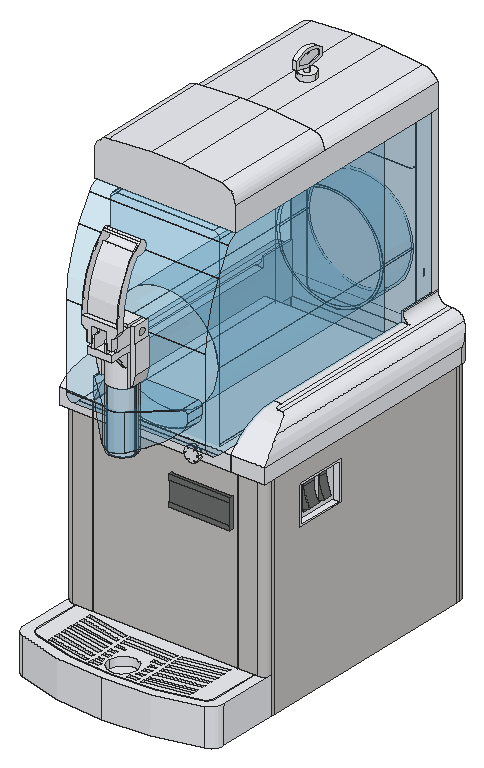
Revit family "QF_ELECTROLUXPROFESSIONAL_560098_SP1NewUV", category Specialty Equipment, Revit 2018 (continued)
Lines and regions (mm)
  Split face 68
    outline origin (-128, -90, 0) x (0, -1, 0) y (0, 0, -1)
      loop
        line (-30.859, -262.213) -> (-104.859, -262.213) -> (-100.359, -270.213) -> (-35.359, -270.213) -> (-30.859, -262.213)
  Split face 69
    outline origin (-128, -90, 0) x (0, -1, 0) y (0, 0, -1)
      loop
        line (-30.859, -252.213) -> (-104.859, -252.213) -> (-100.359, -260.213) -> (-35.359, -260.213) -> (-30.859, -252.213)
  Split face 70
    outline origin (-128, -90, 0) x (0, -1, 0) y (0, 0, -1)
      loop
        line (-30.859, -242.213) -> (-104.859, -242.213) -> (-100.359, -250.213) -> (-35.359, -250.213) -> (-30.859, -242.213)
  Split face 71
    outline origin (-128, -90, -20) x (0, -1, 0) y (0, 0, -1)
      loop
        line (-30.859, -252.213) -> (-104.859, -252.213) -> (-100.359, -260.213) -> (-35.359, -260.213) -> (-30.859, -252.213)
  Split face 72
    outline origin (-128, -90, -20) x (0, -1, 0) y (0, 0, -1)
      loop
        line (-30.859, -242.213) -> (-104.859, -242.213) -> (-100.359, -250.213) -> (-35.359, -250.213) -> (-30.859, -242.213)
  Split face 73
    outline origin (-128, -90, -40) x (0, -1, 0) y (0, 0, -1)
      loop
        line (-30.859, -252.213) -> (-104.859, -252.213) -> (-100.359, -260.213) -> (-35.359, -260.213) -> (-30.859, -252.213)
  Split face 74
    outline origin (-128, -90, -40) x (0, -1, 0) y (0, 0, -1)
      loop
        line (-30.859, -242.213) -> (-104.859, -242.213) -> (-100.359, -250.213) -> (-35.359, -250.213) -> (-30.859, -242.213)
  Split face 75
    outline origin (-128, -90, -60) x (0, -1, 0) y (0, 0, -1)
      loop
        line (-30.859, -252.213) -> (-104.859, -252.213) -> (-100.359, -260.213) -> (-35.359, -260.213) -> (-30.859, -252.213)
  Split face 76
    outline origin (-128, -90, -60) x (0, -1, 0) y (0, 0, -1)
      loop
        line (-30.859, -242.213) -> (-104.859, -242.213) -> (-100.359, -250.213) -> (-35.359, -250.213) -> (-30.859, -242.213)
  Split face 77
    outline origin (-128, -90, -80) x (0, -1, 0) y (0, 0, -1)
      loop
        line (-30.859, -252.213) -> (-104.859, -252.213) -> (-100.359, -260.213) -> (-35.359, -260.213) -> (-30.859, -252.213)
  Split face 78
    outline origin (-128, -90, -80) x (0, -1, 0) y (0, 0, -1)
      loop
        line (-30.859, -242.213) -> (-104.859, -242.213) -> (-100.359, -250.213) -> (-35.359, -250.213) -> (-30.859, -242.213)
  Split face 79
    outline origin (-128, -90, -100) x (0, -1, 0) y (0, 0, -1)
      loop
        line (-30.859, -252.213) -> (-104.859, -252.213) -> (-100.359, -260.213) -> (-35.359, -260.213) -> (-30.859, -252.213)
  Split face 80
    outline origin (-128, -90, -100) x (0, -1, 0) y (0, 0, -1)
      loop
        line (-30.859, -242.213) -> (-104.859, -242.213) -> (-100.359, -250.213) -> (-35.359, -250.213) -> (-30.859, -242.213)
  Split face 81
    outline origin (-128, -90, -120) x (0, -1, 0) y (0, 0, -1)
      loop
        line (-30.859, -252.213) -> (-104.859, -252.213) -> (-100.359, -260.213) -> (-35.359, -260.213) -> (-30.859, -252.213)
  Split face 82
    outline origin (-128, -90, -120) x (0, -1, 0) y (0, 0, -1)
      loop
        line (-30.859, -242.213) -> (-104.859, -242.213) -> (-100.359, -250.213) -> (-35.359, -250.213) -> (-30.859, -242.213)
  Split face 83
    outline origin (-128, -90, -140) x (0, -1, 0) y (0, 0, -1)
      loop
        line (-30.859, -252.213) -> (-104.859, -252.213) -> (-100.359, -260.213) -> (-35.359, -260.213) -> (-30.859, -252.213)
  Split face 84
    outline origin (-128, -90, -140) x (0, -1, 0) y (0, 0, -1)
      loop
        line (-30.859, -242.213) -> (-104.859, -242.213) -> (-100.359, -250.213) -> (-35.359, -250.213) -> (-30.859, -242.213)
  Split face 85
    outline origin (-128, -90, -160) x (0, -1, 0) y (0, 0, -1)
      loop
        line (-30.859, -252.213) -> (-104.859, -252.213) -> (-100.359, -260.213) -> (-35.359, -260.213) -> (-30.859, -252.213)
  Split face 86
    outline origin (-128, -90, -160) x (0, -1, 0) y (0, 0, -1)
      loop
        line (-30.859, -242.213) -> (-104.859, -242.213) -> (-100.359, -250.213) -> (-35.359, -250.213) -> (-30.859, -242.213)
  Split face 87
    outline origin (-128, -90, -180) x (0, -1, 0) y (0, 0, -1)
      loop
        line (-30.859, -252.213) -> (-104.859, -252.213) -> (-100.359, -260.213) -> (-35.359, -260.213) -> (-30.859, -252.213)
  Split face 88
    outline origin (-128, -90, -180) x (0, -1, 0) y (0, 0, -1)
      loop
        line (-30.859, -242.213) -> (-104.859, -242.213) -> (-100.359, -250.213) -> (-35.359, -250.213) -> (-30.859, -242.213)
  Split face 89
    outline origin (-128, -90, -200) x (0, -1, 0) y (0, 0, -1)
      loop
        line (-30.859, -252.213) -> (-104.859, -252.213) -> (-100.359, -260.213) -> (-35.359, -260.213) -> (-30.859, -252.213)
  Split face 90
    outline origin (-128, -90, -200) x (0, -1, 0) y (0, 0, -1)
      loop
        line (-30.859, -242.213) -> (-104.859, -242.213) -> (-100.359, -250.213) -> (-35.359, -250.213) -> (-30.859, -242.213)
  Split face 91
    outline origin (-89.958, 209.321, 14) x (1, 0, 0) y (0, 0, -1)
      loop
        line (19.909, -204.404) -> (29.909, -204.404) -> (29.909, -141.98) -> (19.909, -141.98) -> (19.909, -204.404)
  Split face 92
    outline origin (-76.909, 209.321, 14) x (1, 0, 0) y (0, 0, -1)
      loop
        line (19.909, -204.404) -> (29.909, -204.404) -> (29.909, -141.98) -> (19.909, -141.98) -> (19.909, -204.404)
  Split face 93
    outline origin (-63.909, 209.321, 14) x (1, 0, 0) y (0, 0, -1)
      loop
        line (19.909, -204.404) -> (29.909, -204.404) -> (29.909, -141.98) -> (19.909, -141.98) -> (19.909, -204.404)
  Split face 94
    outline origin (-50.909, 209.321, 14) x (1, 0, 0) y (0, 0, -1)
      loop
        line (19.909, -204.404) -> (29.909, -204.404) -> (29.909, -141.98) -> (19.909, -141.98) -> (19.909, -204.404)
  Split face 95
    outline origin (-37.909, 209.321, 14) x (1, 0, 0) y (0, 0, -1)
      loop
        line (19.909, -204.404) -> (29.909, -204.404) -> (29.909, -141.98) -> (19.909, -141.98) -> (19.909, -204.404)
  Split face 96
    outline origin (-24.909, 209.321, 14) x (1, 0, 0) y (0, 0, -1)
      loop
        line (19.909, -204.404) -> (29.909, -204.404) -> (29.909, -141.98) -> (19.909, -141.98) -> (19.909, -204.404)
  Split face 97
    outline origin (89.958, 209.321, 14) x (-1, 0, 0) y (0, 0, 1)
      loop
        line (19.909, 204.404) -> (19.909, 141.98) -> (29.909, 141.98) -> (29.909, 204.404) -> (19.909, 204.404)
  Split face 98
    outline origin (76.909, 209.321, 14) x (-1, 0, 0) y (0, 0, 1)
      loop
        line (19.909, 204.404) -> (19.909, 141.98) -> (29.909, 141.98) -> (29.909, 204.404) -> (19.909, 204.404)
  Split face 99
    outline origin (63.909, 209.321, 14) x (-1, 0, 0) y (0, 0, 1)
      loop
        line (19.909, 204.404) -> (19.909, 141.98) -> (29.909, 141.98) -> (29.909, 204.404) -> (19.909, 204.404)
  Split face 100
    outline origin (50.909, 209.321, 14) x (-1, 0, 0) y (0, 0, 1)
      loop
        line (19.909, 204.404) -> (19.909, 141.98) -> (29.909, 141.98) -> (29.909, 204.404) -> (19.909, 204.404)
  Split face 101
    outline origin (37.909, 209.321, 14) x (-1, 0, 0) y (0, 0, 1)
      loop
        line (19.909, 204.404) -> (19.909, 141.98) -> (29.909, 141.98) -> (29.909, 204.404) -> (19.909, 204.404)
  Split face 102
    outline origin (-89.958, 209.321, -53) x (1, 0, 0) y (0, 0, -1)
      loop
        line (19.909, -204.404) -> (29.909, -204.404) -> (29.909, -141.98) -> (19.909, -141.98) -> (19.909, -204.404)
  Split face 103
    outline origin (-76.909, 209.321, -53) x (1, 0, 0) y (0, 0, -1)
      loop
        line (19.909, -204.404) -> (29.909, -204.404) -> (29.909, -141.98) -> (19.909, -141.98) -> (19.909, -204.404)
  Split face 104
    outline origin (-63.909, 209.321, -53) x (1, 0, 0) y (0, 0, -1)
      loop
        line (19.909, -204.404) -> (29.909, -204.404) -> (29.909, -141.98) -> (19.909, -141.98) -> (19.909, -204.404)
  Split face 105
    outline origin (-50.909, 209.321, -53) x (1, 0, 0) y (0, 0, -1)
      loop
        line (19.909, -204.404) -> (29.909, -204.404) -> (29.909, -141.98) -> (19.909, -141.98) -> (19.909, -204.404)
  Split face 106
    outline origin (-37.909, 209.321, -53) x (1, 0, 0) y (0, 0, -1)
      loop
        line (19.909, -204.404) -> (29.909, -204.404) -> (29.909, -141.98) -> (19.909, -141.98) -> (19.909, -204.404)
  Split face 107
    outline origin (-24.909, 209.321, -53) x (1, 0, 0) y (0, 0, -1)
      loop
        line (19.909, -204.404) -> (29.909, -204.404) -> (29.909, -141.98) -> (19.909, -141.98) -> (19.909, -204.404)
  Split face 108
    outline origin (89.958, 209.321, -53) x (-1, 0, 0) y (0, 0, 1)
      loop
        line (19.909, 204.404) -> (19.909, 141.98) -> (29.909, 141.98) -> (29.909, 204.404) -> (19.909, 204.404)
  Split face 109
    outline origin (76.909, 209.321, -53) x (-1, 0, 0) y (0, 0, 1)
      loop
        line (19.909, 204.404) -> (19.909, 141.98) -> (29.909, 141.98) -> (29.909, 204.404) -> (19.909, 204.404)
  Split face 110
    outline origin (63.909, 209.321, -53) x (-1, 0, 0) y (0, 0, 1)
      loop
        line (19.909, 204.404) -> (19.909, 141.98) -> (29.909, 141.98) -> (29.909, 204.404) -> (19.909, 204.404)
  Split face 111
    outline origin (50.909, 209.321, -53) x (-1, 0, 0) y (0, 0, 1)
      loop
        line (19.909, 204.404) -> (19.909, 141.98) -> (29.909, 141.98) -> (29.909, 204.404) -> (19.909, 204.404)
  Split face 112
    outline origin (37.909, 209.321, -53) x (-1, 0, 0) y (0, 0, 1)
      loop
        line (19.909, 204.404) -> (19.909, 141.98) -> (29.909, 141.98) -> (29.909, 204.404) -> (19.909, 204.404)
  Split face 113
    outline origin (-89.958, 209.321, -120) x (1, 0, 0) y (0, 0, -1)
      loop
        line (19.909, -204.404) -> (29.909, -204.404) -> (29.909, -141.98) -> (19.909, -141.98) -> (19.909, -204.404)
  Split face 114
    outline origin (-76.909, 209.321, -120) x (1, 0, 0) y (0, 0, -1)
      loop
        line (19.909, -204.404) -> (29.909, -204.404) -> (29.909, -141.98) -> (19.909, -141.98) -> (19.909, -204.404)
  Split face 115
    outline origin (-63.909, 209.321, -120) x (1, 0, 0) y (0, 0, -1)
      loop
        line (19.909, -204.404) -> (29.909, -204.404) -> (29.909, -141.98) -> (19.909, -141.98) -> (19.909, -204.404)
  Split face 116
    outline origin (-50.909, 209.321, -120) x (1, 0, 0) y (0, 0, -1)
      loop
        line (19.909, -204.404) -> (29.909, -204.404) -> (29.909, -141.98) -> (19.909, -141.98) -> (19.909, -204.404)
  Split face 117
    outline origin (-37.909, 209.321, -120) x (1, 0, 0) y (0, 0, -1)
      loop
        line (19.909, -204.404) -> (29.909, -204.404) -> (29.909, -141.98) -> (19.909, -141.98) -> (19.909, -204.404)
  Split face 118
    outline origin (-24.909, 209.321, -120) x (1, 0, 0) y (0, 0, -1)
      loop
        line (19.909, -204.404) -> (29.909, -204.404) -> (29.909, -141.98) -> (19.909, -141.98) -> (19.909, -204.404)
  Split face 119
    outline origin (89.958, 209.321, -120) x (-1, 0, 0) y (0, 0, 1)
      loop
        line (19.909, 204.404) -> (19.909, 141.98) -> (29.909, 141.98) -> (29.909, 204.404) -> (19.909, 204.404)
  Split face 120
    outline origin (76.909, 209.321, -120) x (-1, 0, 0) y (0, 0, 1)
      loop
        line (19.909, 204.404) -> (19.909, 141.98) -> (29.909, 141.98) -> (29.909, 204.404) -> (19.909, 204.404)
  Split face 121
    outline origin (63.909, 209.321, -120) x (-1, 0, 0) y (0, 0, 1)
      loop
        line (19.909, 204.404) -> (19.909, 141.98) -> (29.909, 141.98) -> (29.909, 204.404) -> (19.909, 204.404)
  Split face 122
    outline origin (50.909, 209.321, -120) x (-1, 0, 0) y (0, 0, 1)
      loop
        line (19.909, 204.404) -> (19.909, 141.98) -> (29.909, 141.98) -> (29.909, 204.404) -> (19.909, 204.404)
  Split face 123
    outline origin (37.909, 209.321, -120) x (-1, 0, 0) y (0, 0, 1)
      loop
        line (19.909, 204.404) -> (19.909, 141.98) -> (29.909, 141.98) -> (29.909, 204.404) -> (19.909, 204.404)
  symbolic lines
    curve 1: arc (-116.528, -193.147, 14) -> (-69.509, -206.233, 14) -> (-21.031, -211.892, 14) r 314.7
    curve 2: arc (-128, -176.764, 14) -> (-124.847, -186.764, 14) -> (-116.528, -193.147, 14) r 17.434
    curve 3: line (-128, -108.594, 14) -> (-128, -176.764, 14)
    curve 4: line (-114, -115.977, 14) -> (-114, -172.813, 14)
    curve 5: arc (-114, -172.813, 14) -> (-111.75, -179.808, 14) -> (-105.843, -184.18, 14) r 12
    curve 6: arc (-105.843, -184.18, 14) -> (-64.978, -194.885, 14) -> (-23.02, -199.796, 14) r 302.7
    curve 7: arc (23.02, -199.796, 14) -> (64.978, -194.885, 14) -> (105.843, -184.18, 14) r 302.7
    curve 8: arc (105.843, -184.18, 14) -> (111.75, -179.808, 14) -> (114, -172.813, 14) r 12
    curve 9: line (114, -172.813, 14) -> (114, -115.977, 14)
    curve 10: arc (116.528, -193.147, 14) -> (124.847, -186.764, 14) -> (128, -176.764, 14) r 17.434
    curve 11: line (128, -176.764, 14) -> (128, -108.495, 14)
    curve 12: arc (-90.277, -183.786, 14) -> (-62.925, -190.182, 14) -> (-35.093, -193.971, 14) r 297.7
    curve 13: line (-35.093, -193.971, 14) -> (-35.093, -188.951, 14)
    curve 14: arc (-35.093, -188.951, 14) -> (-62.934, -185.094, 14) -> (-90.277, -178.584, 14) r 292.7
    curve 15: line (-90.277, -178.584, 14) -> (-90.277, -183.786, 14)
    curve 16: arc (-90.277, -173.786, 14) -> (-62.925, -180.182, 14) -> (-35.093, -183.971, 14) r 297.7
    curve 17: arc (-35.093, -178.951, 14) -> (-62.934, -175.094, 14) -> (-90.277, -168.584, 14) r 292.7
    curve 18: line (-90.277, -168.584, 14) -> (-90.277, -173.786, 14)
    curve 19: line (-35.093, -183.971, 14) -> (-35.093, -178.951, 14)
    curve 20: arc (-90.277, -163.786, 14) -> (-65.353, -169.723, 14) -> (-40.011, -173.495, 14) r 297.7
    curve 21: arc (-45.705, -167.802, 14) -> (-68.17, -164.061, 14) -> (-90.277, -158.584, 14) r 292.7
    curve 22: line (-90.277, -158.584, 14) -> (-90.277, -163.786, 14)
    curve 23: arc (-90.277, -153.786, 14) -> (-70.995, -158.577, 14) -> (-51.436, -162.07, 14) r 297.7
    curve 24: arc (-57.452, -156.07, 14) -> (-65.27, -154.645, 14) -> (-73.045, -153.009, 14) r 292.7
    curve 25: line (-90.277, -148.584, 14) -> (-90.277, -153.786, 14)
    curve 26: arc (-90.277, -143.786, 14) -> (-86.66, -144.789, 14) -> (-83.031, -145.747, 14) r 297.7
    curve 27: arc (-83.031, -140.581, 14) -> (-86.66, -139.606, 14) -> (-90.277, -138.584, 14) r 292.7
    curve 28: line (-90.277, -138.584, 14) -> (-90.277, -143.786, 14)
    curve 29: arc (-90.277, -133.786, 14) -> (-86.66, -134.789, 14) -> (-83.031, -135.747, 14) r 297.7
    curve 30: arc (-83.031, -130.581, 14) -> (-86.66, -129.606, 14) -> (-90.277, -128.584, 14) r 292.7
    curve 31: line (-90.277, -128.584, 14) -> (-90.277, -133.786, 14)
    curve 32: arc (-30.3, -184.288, 14) -> (-29.707, -184.315, 14) -> (-29.113, -184.342, 14) r 649.216
    curve 33: line (-30.3, -183.206, 14) -> (-30.3, -184.288, 14)
    curve 34: arc (-23.968, -189.549, 14) -> (-27.134, -189.423, 14) -> (-30.3, -189.282, 14) r 644.216
    curve 35: line (-30.3, -189.282, 14) -> (-30.3, -194.288, 14)
    curve 36: arc (-30.3, -194.288, 14) -> (-26.66, -194.447, 14) -> (-23.02, -194.587, 14) r 649.216
    curve 37: arc (90.277, -183.786, 14) -> (62.925, -190.182, 14) -> (35.093, -193.971, 14) r 297.7
    curve 38: line (35.093, -193.971, 14) -> (35.093, -188.951, 14)
    curve 39: arc (35.093, -188.951, 14) -> (62.934, -185.094, 14) -> (90.277, -178.584, 14) r 292.7
    curve 40: line (90.277, -178.584, 14) -> (90.277, -183.786, 14)
    curve 41: arc (90.277, -173.786, 14) -> (62.925, -180.182, 14) -> (35.093, -183.971, 14) r 297.7
    curve 42: arc (35.093, -178.951, 14) -> (62.934, -175.094, 14) -> (90.277, -168.584, 14) r 292.7
    curve 43: line (90.277, -168.584, 14) -> (90.277, -173.786, 14)
    curve 44: line (35.093, -183.971, 14) -> (35.093, -178.951, 14)
    curve 45: arc (90.277, -163.786, 14) -> (65.32, -169.73, 14) -> (39.943, -173.502, 14) r 297.7
    curve 46: arc (45.634, -167.811, 14) -> (68.136, -164.068, 14) -> (90.277, -158.584, 14) r 292.7
    curve 47: line (90.277, -158.584, 14) -> (90.277, -163.786, 14)
    curve 48: arc (90.277, -153.786, 14) -> (70.959, -158.584, 14) -> (51.364, -162.081, 14) r 297.7
    curve 49: arc (57.36, -156.085, 14) -> (65.223, -154.654, 14) -> (73.045, -153.009, 14) r 292.7
    curve 50: line (90.277, -148.584, 14) -> (90.277, -153.786, 14)
    curve 51: arc (90.277, -143.786, 14) -> (85.368, -145.136, 14) -> (80.436, -146.402, 14) r 297.7
    curve 52: arc (80.436, -141.248, 14) -> (85.368, -139.959, 14) -> (90.277, -138.584, 14) r 292.7
    curve 53: line (90.277, -138.584, 14) -> (90.277, -143.786, 14)
    curve 54: arc (90.277, -133.786, 14) -> (85.368, -135.136, 14) -> (80.436, -136.402, 14) r 297.7
    curve 55: arc (80.436, -131.248, 14) -> (85.368, -129.959, 14) -> (90.277, -128.584, 14) r 292.7
    curve 56: line (90.277, -128.584, 14) -> (90.277, -133.786, 14)
    curve 57: arc (30.3, -184.288, 14) -> (29.689, -184.316, 14) -> (29.077, -184.344, 14) r 649.216
    curve 58: line (30.3, -183.145, 14) -> (30.3, -184.288, 14)
    curve 59: arc (23.877, -189.552, 14) -> (27.089, -189.425, 14) -> (30.3, -189.282, 14) r 644.216
    curve 60: line (30.3, -189.282, 14) -> (30.3, -194.288, 14)
    curve 61: arc (30.3, -194.288, 14) -> (26.66, -194.447, 14) -> (23.02, -194.587, 14) r 649.216
    curve 62: line (-90.031, 212, 14) -> (-90.031, -113.009, 14)
    curve 64: arc (-90.031, 30.512, 14) -> (-84.173, 16.37, 14) -> (-70.031, 10.512, 14) r 20
    curve 65: arc (89.969, 30.512, 14) -> (84.111, 16.37, 14) -> (69.969, 10.512, 14) r 20
    curve 66: line (89.969, 30.512, 14) -> (89.969, -113.009, 14)
    curve 67: line (-3, 135.359, 14) -> (3, 135.359, 14)
    curve 68: line (-3, 96.233, 14) -> (-3, 135.359, 14)
    curve 69: line (3, 96.233, 14) -> (-3, 96.233, 14)
    curve 70: line (3, 135.359, 14) -> (3, 96.233, 14)
    curve 71: arc (-3, 105.213, 14) -> (-11, 115.796, 14) -> (-3, 126.379, 14) r 11
    curve 72: arc (3, 126.379, 14) -> (11, 115.796, 14) -> (3, 105.213, 14) r 11
    curve 73: arc (-90.031, -93.009, 14) -> (-82.737, -87.583, 14) -> (-73.891, -85.483, 14) r 22.513
    curve 74: arc (89.969, -93.009, 14) -> (82.675, -87.583, 14) -> (73.83, -85.483, 14) r 22.513
    curve 75: arc (-73.891, -85.483, 14) -> (-0.031, -83.009, 14) -> (73.83, -85.483, 14) r 1103.745
    curve 76: line (-0.031, -113.009, 14) -> (-0.031, -171, 14)
    curve 77: line (-83.031, -113.009, 14) -> (-83.031, -153.009, 14)
    curve 78: line (80.436, -113.009, 14) -> (80.436, -153.009, 14)
    curve 79: line (80.436, -153.009, 14) -> (-83.031, -153.009, 14)
    curve 80: line (55.436, -153.009, 14) -> (20.969, -187.476, 14)
    curve 81: line (-21.031, -216, 14) -> (20.969, -216, 14)
    curve 82: line (20.969, -216, 14) -> (20.969, -171, 14)
    curve 83: line (20.969, -171, 14) -> (-21.031, -171, 14)
    curve 84: line (15.969, -216, 14) -> (15.969, -181, 14)
    curve 85: line (15.969, -181, 14) -> (-15.031, -181, 14)
    curve 86: line (-15.031, -196, 14) -> (15.969, -196, 14)
    curve 87: line (60.436, -153.009, 14) -> (20.969, -192.476, 14)
    curve 88: line (-55.497, -153.009, 14) -> (-21.031, -187.476, 14)
    curve 89: line (-60.497, -153.009, 14) -> (-21.031, -192.476, 14)
    curve 90: line (-21.031, -216, 14) -> (-21.031, -171, 14)
    curve 91: line (-15.031, -216, 14) -> (-15.031, -181, 14)
    curve 95: arc (-111.031, -118.009, 14) -> (-125.173, -112.151, 14) -> (-131.031, -98.009, 14) r 20
    curve 96: line (-111.531, 212, 14) -> (-111.531, -50.009, 14)
    curve 97: line (-111.531, -50.009, 14) -> (-128.531, -50.009, 14)
    curve 98: line (-128.531, -50.009, 14) -> (-128.531, 206.68, 14)
    curve 99: arc (-118.054, 212, 14) -> (-127.23, 208.199, 14) -> (-131.031, 199.023, 14) r 12.977
    curve 100: line (-111.531, -50.009, 14) -> (-111.531, -67.785, 14)
    curve 101: arc (-111.531, -67.785, 14) -> (-113.43, -92.343, 14) -> (-119.082, -116.317, 14) r 159.732
    curve 102: line (-128.531, -50.009, 14) -> (-131.031, -67.798, 14)
    curve 103: line (-90.031, 157, 14) -> (-105.031, 157, 14)
    curve 104: line (-105.031, 157, 14) -> (-105.031, -88.009, 14)
    curve 105: arc (-105.031, -88.009, 14) -> (-103.566, -99.132, 14) -> (-99.273, -109.498, 14) r 42.977
    curve 106: line (-99.273, -109.498, 14) -> (-90.031, -109.498, 14)
    curve 110: arc (110.969, -118.009, 14) -> (125.111, -112.151, 14) -> (130.969, -98.009, 14) r 20
    curve 111: line (111.469, 212, 14) -> (111.469, -50.009, 14)
    curve 112: line (111.469, -50.009, 14) -> (128.469, -50.009, 14)
    curve 113: line (128.469, -50.009, 14) -> (128.469, 206.68, 14)
    curve 114: arc (117.992, 212, 14) -> (127.168, 208.199, 14) -> (130.969, 199.023, 14) r 12.977
    curve 115: line (111.469, -50.009, 14) -> (111.469, -67.785, 14)
    curve 116: arc (111.469, -67.785, 14) -> (113.368, -92.343, 14) -> (119.021, -116.317, 14) r 159.732
    curve 117: line (128.469, -50.009, 14) -> (130.969, -67.798, 14)
    curve 118: line (89.969, 157, 14) -> (104.969, 157, 14)
    curve 119: line (104.969, 157, 14) -> (104.969, -88.009, 14)
    curve 120: arc (104.969, -88.009, 14) -> (103.505, -99.132, 14) -> (99.211, -109.498, 14) r 42.977
    curve 121: line (99.211, -109.498, 14) -> (89.969, -109.498, 14)
    curve 125: arc (-83.031, -150.581, 14) -> (-86.66, -149.606, 14) -> (-90.277, -148.584, 14) r 292.7
    curve 126: arc (-90.277, -123.786, 14) -> (-86.668, -124.787, 14) -> (-83.046, -125.743, 14) r 297.7
    curve 127: line (-90.277, -118.584, 14) -> (-90.277, -123.786, 14)
    curve 128: arc (-83.043, -120.578, 14) -> (-86.666, -119.604, 14) -> (-90.277, -118.584, 14) r 292.7
    curve 129: arc (20.969, -211.894, 14) -> (69.478, -206.239, 14) -> (116.528, -193.147, 14) r 314.7
    curve 130: arc (80.436, -151.248, 14) -> (85.368, -149.959, 14) -> (90.277, -148.584, 14) r 292.7
    curve 131: arc (90.277, -118.584, 14) -> (85.368, -119.959, 14) -> (80.436, -121.248, 14) r 292.7
    curve 132: line (90.277, -123.786, 14) -> (90.277, -118.584, 14)
    curve 133: arc (80.436, -126.402, 14) -> (85.368, -125.136, 14) -> (90.277, -123.786, 14) r 297.7
  symbolic lines, style "SpecialityEquipment"
    curve 63: line (-70.031, 10.512, 14) -> (69.969, 10.512, 14)
    curve 92: line (117.992, 212, 14) -> (-118.054, 212, 14)
    curve 93: line (89.969, 212, 14) -> (89.969, 30.512, 14)
    curve 94: line (89.969, -113.009, 14) -> (-90.031, -113.009, 14)
    curve 107: line (-131.031, 199.023, 14) -> (-131.031, -98.009, 14)
    curve 108: line (-90.031, -113.009, 14) -> (-90.031, -118.009, 14)
    curve 109: line (-90.031, -118.009, 14) -> (-111.031, -118.009, 14)
    curve 122: line (130.969, 199.023, 14) -> (130.969, -98.009, 14)
    curve 123: line (89.969, -113.009, 14) -> (89.969, -118.009, 14)
    curve 124: line (89.969, -118.009, 14) -> (110.969, -118.009, 14)
Dimensions and locks
  plane 4 "FEET" to level = 14 mm
  plane 6 "LEFT" to plane 3 "Center (Left/Right)" to plane 7 "RIGHT" = 131 mm, 131 mm
  plane 5 "BACK" to plane 1 "Center (Front/Back)" = 212 mm
  plane 6 "LEFT" to plane 7 "RIGHT" = 262 mm
  plane 5 "BACK" to plane 8 = 43 mm
  plane 8 to plane 11 = 250 mm
  plane 14 "TOP" to level = 640 mm
  plane 15 "FRONT" to plane 5 "BACK" = 428 mm
  plane 5 "BACK" to plane 15 "FRONT" = 428 mm
  Extrusion 63 to Extrusion 62 = 606 mm
  Extrusion 62 to Extrusion 63 = 613 mm
  cut or joined group of Extrusion 44, Extrusion 65 to cut or joined group of Extrusion 44, Extrusion 65 = 180.056 mm
  aligned and locked: level to plane 2 "BASE"
Connectors
  electrical at (69, -56, 4)
    settings: on Extrusion 30, index 1, voltage 0 V, apparent load 0 VA, apparent load phase1 0 VA, apparent load phase2 0 VA, apparent load phase3 0 VA, power factor 1, load classification "Other", number of poles 1, system type 30, power factor state 1, is connector primary yes, connector utility no, sub classification motor no, connector description "Electrical connection"
